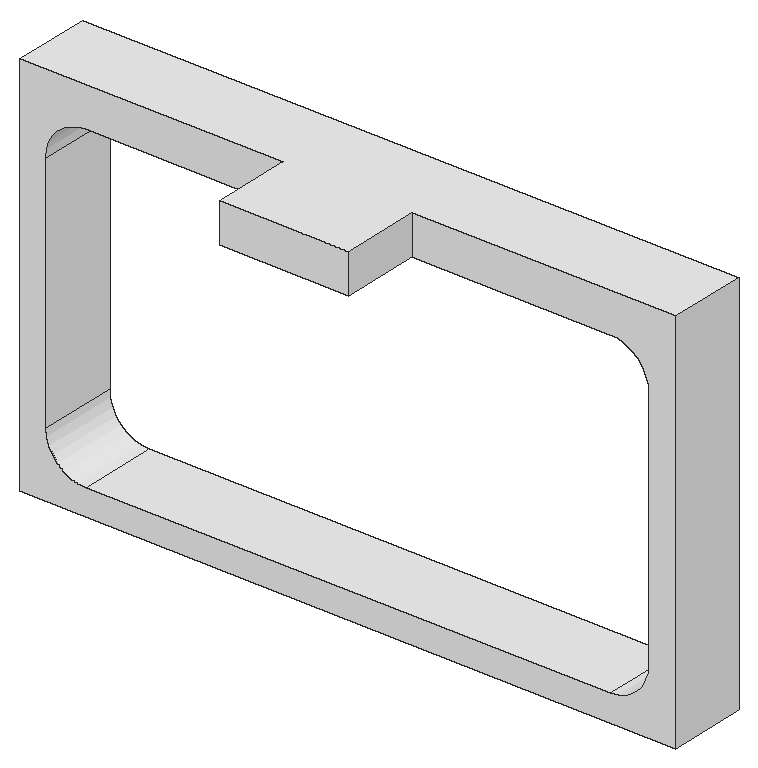
Revit family "DR6025551_Toallero Argolla", category Furniture, host Wall, Revit 2019
Family settings
  Host = Wall
  OmniClass Number = 23.31.25.25
  OmniClass Title = Towel Bars
  Always vertical = Yes
  Cut with Voids When Loaded = No
  Shared = No
  Room Calculation Point = No
Parameters (values of type "Type 1")
  URL = "https://corona.co/productos/accesorios/kit-de-accesorios/kit-por-6-accesorios-draa/p/DR6065551"
  Resistencia a cargas o peso máximo = "9 kg. (19,84 lb.)"  # constant formula
  Referencia = "DR6025551"  # constant formula
  Profundidad = 60 mm  # constant formula
  Peso Neto aprox = " 420 gr."  # constant formula
  Peso Bruto aprox = "4,8 kg. - 10,58 lb."  # constant formula
  Material = Corona_Cromado
  Manufacturer = "Corona"  # constant formula
  Garantía Acabados = "5 Años"  # constant formula
  Garantía = "30 Años"  # constant formula
  Fecha de creación = "11/08/2020"  # constant formula
  Description = "Adquiere estos accesorios que reflejan las últimas tendencias de diseño y se conviernten en el mejor complemento para tu baño. ¡Todo lo que necitabas está aquí!"  # constant formula
  Creado por = "IDD"  # constant formula
  Ancho = 249 mm  # constant formula
  Altura = 900 mm
  Alto = 147 mm  # constant formula
Reference planes
  plane 1 "Wall": y = 0
  plane 2 "Center (Left/Right)": x = 125
  plane 3 "Back": y = 75
  plane 4: z = 900
  plane 5: x = 249.5
  plane 6: x = 0.5
  plane 7: z = 973.5
  plane 8: z = 826.5
  plane 9: y = 135
Text (mm)
  text "Placement Side" at (-1848.837, 1116.779, 0), in view "Ref. Level"
  text "Placement side" at (0, 1409.804, 2854.306), in view "Left"
  text "Placement side" at (0, 499.811, 2980.732), in view "Right"
Dimensions and locks
  locked: plane 3 "Back" to host wall
  equal spacing: plane 8, plane 4, plane 7
  "Alto": plane 8 to plane 7
  equal spacing: plane 6, plane 2 "Center (Left/Right)", plane 5
  "Ancho": plane 6 to plane 5
  "Profundidad": plane 9 to host wall
  plane 4 to plane 8 = 73.5 mm
  "Altura": plane 4 to level
  aligned and locked: plane 1 "Wall" to host wall
  aligned and locked: nested 1 to plane 7
  aligned and locked: nested 2 to plane 7
  aligned and locked: plane 6 to nested 2
  aligned and locked: nested 3 to plane 5
  aligned and locked: nested 3 to host wall
  aligned and locked: nested 4 to plane 7
  aligned and locked: nested 4 to plane 5
  aligned and locked: host wall to nested 2
Nested families
  nested 1: "Lateral" at (125, 75, 826.5) x (0, -1, 0) z (1, 0, 0), type "Lateral"
  nested 2: "Toallero Argolla" at (249.5, 105, 826.5) x (-1, 0, 0) z (0, 0, 1), type "Toallero Argolla"
  nested 3: "Planta" at (249.5, 75, 0) x (-1, 0, 0) z (0, 0, 1), type "Planta"
  nested 4: "Frontal" at (249.5, 0, 826.5) x (-1, 0, 0) z (0, -1, 0), type "Frontal"
Definition of nested family "Toallero Argolla"
  Parameters (values of type "Toallero Argolla")
    Profundidad = 60 mm
    Material = none
    Ancho = 249 mm
    Alto = 147 mm
  Reference planes
    plane 1 "Center (Front/Back)": y = 0
    plane 2: z = 0
    plane 3 "Center (Left/Right)": x = 0
    plane 4: x = 249
    plane 5: y = 30
    plane 6: y = -30
    plane 7: z = 147
  Forms (mm)
    Extrusion 1, solid, material <- "Material", detail levels coarse
      sketch origin (0, 0, 0) x (1, 0, 0) y (0, 0, 1)
        loop
          line (249, 0) -> (249, 147) -> (0, 147) -> (0, 0) -> (249, 0)
      from -30 to 30
    Extrusion 2, solid, material <- "Material", detail levels medium+fine
      sketch origin (0, 0, 0) x (1, 0, 0) y (0, 0, 1)
        loop
          line (249, 0) -> (249, 147) -> (0, 147) -> (0, 0) -> (249, 0)
        loop
          arc (224, 10) -> (234.607, 14.393) -> (239, 25) r 15
          line (239, 25) -> (239, 117)
          arc (239, 117) -> (234.607, 127.607) -> (224, 132) r 15
          line (224, 132) -> (25, 132)
          arc (25, 132) -> (14.393, 127.607) -> (10, 117) r 15
          line (10, 117) -> (10, 25)
          arc (10, 25) -> (14.393, 14.393) -> (25, 10) r 15
          line (25, 10) -> (224, 10)
      from 0 to 30
    Extrusion 3, solid, material <- "Material", detail levels medium+fine
      sketch origin (0, 0, 0) x (1, 0, 0) y (0, 1, 0)
        loop
          line (100, 30) -> (100, 0) -> (149, 0) -> (149, 30) -> (100, 30)
      from 132 to 147
  Cuts and joins
    joined: Extrusion 2, Extrusion 3
  Dimensions and locks
    equal spacing: plane 5, plane 1 "Center (Front/Back)", plane 6
    "Profundidad": plane 5 to plane 6
    "Ancho": plane 3 "Center (Left/Right)" to plane 4
    "Alto": plane 7 to level
    aligned and locked: level to plane 2
    aligned and locked: level to Extrusion 1 sketch curve
    aligned and locked: plane 4 to Extrusion 1 sketch curve
    aligned and locked: Extrusion 1 sketch curve to plane 7
    aligned and locked: plane 3 "Center (Left/Right)" to Extrusion 1 sketch curve
    aligned and locked: plane 5 to Extrusion 1
    aligned and locked: Extrusion 1 to plane 6
    aligned and locked: Extrusion 2 sketch curve to plane 7
    aligned and locked: plane 3 "Center (Left/Right)" to Extrusion 2 sketch curve
    aligned and locked: plane 4 to Extrusion 2 sketch curve
    aligned and locked: plane 7 to Extrusion 3
    aligned and locked: Extrusion 2 to Extrusion 3
    aligned and locked: Extrusion 2 to plane 6
  Automatic sketch dimensions
    plane 1 "Center (Front/Back)" to Extrusion 3 sketch curve = 0 mm
    Extrusion 3 sketch curve to plane 5 = 0 mm
    plane 3 "Center (Left/Right)" to Extrusion 3 sketch curve = 100 mm
    plane 4 to Extrusion 3 sketch curve = 100 mm
    Extrusion 2 sketch curve to level = 0 mm
    plane 3 "Center (Left/Right)" to Extrusion 2 sketch curve = 10 mm
    level to Extrusion 2 sketch curve = 10 mm
    Extrusion 2 sketch curve to Extrusion 2 sketch curve = 15 mm  (x2)
    Extrusion 2 sketch curve to plane 7 = 15 mm
    plane 4 to Extrusion 2 sketch curve = 25 mm  (x2)
    plane 4 to Extrusion 2 sketch curve = 10 mm
Definition of nested family "Lateral"
  Reference planes
    plane 1 "Center (Front/Back)": y = 0
    plane 2: z = 0
    plane 3 "Center (Left/Right)": x = 0
    plane 4: y = 147
    plane 5: x = -60
  Lines and regions (mm)
    detail lines, in view "Ref. Level"
      curve 1: line (-60, 147, 0) -> (-30, 147, 0)
      curve 2: line (-60, 0, 0) -> (-60, 147, 0)
      curve 3: line (-30, 0, 0) -> (-60, 0, 0)
      curve 4: line (-30, 147, 0) -> (-30, 0, 0)
      curve 5: line (-30, 147, 0) -> (0, 147, 0)
      curve 6: line (0, 147, 0) -> (0, 132, 0)
      curve 7: line (0, 132, 0) -> (-30, 132, 0)
Definition of nested family "Planta"
  Reference planes
    plane 1 "Center (Front/Back)": y = 0
    plane 2: z = 0
    plane 3 "Center (Left/Right)": x = 0
    plane 4: x = 249
    plane 5: y = 60
  Lines and regions (mm)
    detail lines, in view "Ref. Level"
      curve 1: line (0, 60, 0) -> (249, 60, 0)
      curve 2: line (0, 30, 0) -> (0, 60, 0)
      curve 3: line (249, 30, 0) -> (149, 30, 0)
      curve 4: line (249, 60, 0) -> (249, 30, 0)
      curve 5: line (100, 30, 0) -> (100, 0, 0)
      curve 6: line (100, 0, 0) -> (149, 0, 0)
      curve 7: line (149, 0, 0) -> (149, 30, 0)
      curve 8: line (100, 30, 0) -> (0, 30, 0)
Definition of nested family "Frontal"
  Reference planes
    plane 1 "Center (Front/Back)": y = 0
    plane 2: z = 0
    plane 3 "Center (Left/Right)": x = 0
    plane 4: x = 249
    plane 5: y = 147
  Lines and regions (mm)
    detail lines, in view "Ref. Level"
      curve 1: line (0, 0, 0) -> (249, 0, 0)
      curve 2: line (0, 147, 0) -> (0, 0, 0)
      curve 3: line (249, 147, 0) -> (0, 147, 0)
      curve 4: line (249, 0, 0) -> (249, 147, 0)
      curve 5: line (224, 132, 0) -> (25, 132, 0)
      curve 6: line (10, 117, 0) -> (10, 25, 0)
      curve 7: line (25, 10, 0) -> (224, 10, 0)
      curve 8: line (239, 25, 0) -> (239, 117, 0)
      curve 9: arc (10, 117, 0) -> (14.393, 127.607, 0) -> (25, 132, 0) r 15
      curve 10: arc (239, 117, 0) -> (234.607, 127.607, 0) -> (224, 132, 0) r 15
      curve 11: arc (25, 10, 0) -> (14.393, 14.393, 0) -> (10, 25, 0) r 15
      curve 12: arc (224, 10, 0) -> (234.607, 14.393, 0) -> (239, 25, 0) r 15
  Dimensions and locks
    aligned and locked: plane 1 "Center (Front/Back)" to curve 1
    aligned and locked: curve 2 to plane 3 "Center (Left/Right)"
    aligned and locked: plane 5 to curve 3
    aligned and locked: plane 4 to curve 4
